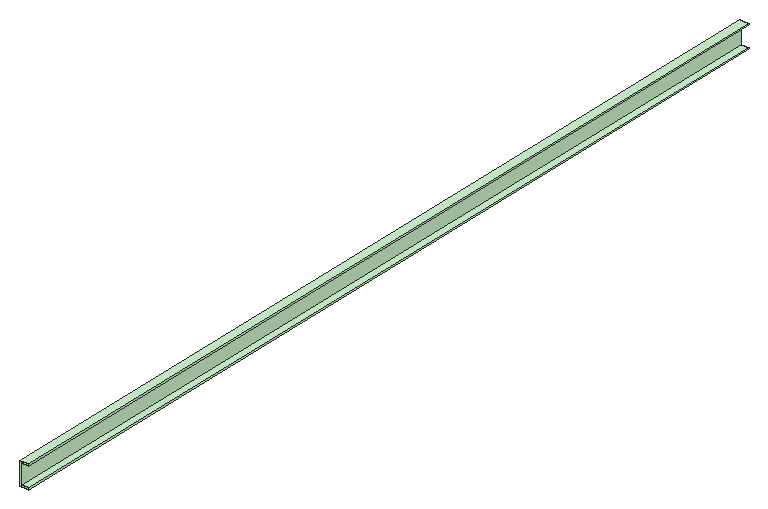
Revit family "wb25", category 機械設備, Revit 2022
Family settings
  丸型コネクタ寸法 = 直径を使用
  種別 = なし
  パーツ タイプ = 標準
  作業面ベース = いいえ
  常に垂直 = はい
  ロード時にボイドで切り取り = いいえ
  注釈の向きを維持 = いいえ
  共有 = いいえ
  部屋計算ポイント = いいえ
Parameters
  製造元 = "株式会社桐井製作所"
  既定の高さ = 0 mm
  URL = "https://www.kirii.co.jp/"
  K_長さ(mm) [instance] = 1000 mm
  K_材質 = "SGCCまたはSGHC一般用"
  K_断面積A(mm2) = 48.6
  K_断面係数Zy(mm3) = 334.3
  K_断面係数Zx(mm3) = 60.2
  K_断面2次半径iy(mm) = 9.3
  K_断面2次半径ix(mm) = 3
  K_断面2次モーメントIy(mm4) = 4179
  K_断面2次モーメントIx(mm4) = 434
  K_外形寸法(mm) = "25×10×1.2"
  K_品名 = "WB-25"
  K_名称 = "振れ止め"
  K_単位質量(kg/個) = 0.389
  K_ヤング係数E(N/mm2) = 205000
  K_バージョン情報 = "20210524"
  K_めっき付着量 = "Z12"
  K_JIS規格 = "JIS G 3302"
  K_JIS外 [instance] = not(K_JIS)  # no
  K_JIS [instance] = yes
Reference planes
  plane 1 "中心(正面/背面)": y = 0
  plane 2: z = 0
  plane 3 "中心(左/右)": x = 0
  plane 4: y = 1000
  plane 5: z = 25
Forms (mm)
  Extrusion 1, solid
    sketch origin (12, 0, 0) x (1, 0, 0) y (0, 0, 1)
      loop
        line (-2, 25) -> (-12, 25) -> (-12, 0) -> (-2, 0) -> (-2, 1.2) -> (-10.8, 1.2) -> (-10.8, 23.8) -> (-2, 23.8) -> (-2, 25)
    from 0 to -1000
Dimensions and locks
  "K_長さ(mm)": plane 1 "中心(正面/背面)" to plane 4
  aligned and locked: level to plane 2
  aligned and locked: Extrusion 1 to plane 4
Automatic sketch dimensions
  Extrusion 1 sketch curve to plane 3 "中心(左/右)" = 0 mm
  Extrusion 1 sketch curve to plane 5 = 0 mm
  Extrusion 1 sketch curve to level = 0 mm
  level to Extrusion 1 sketch curve = 1.2 mm
  plane 3 "中心(左/右)" to Extrusion 1 sketch curve = 1.2 mm
  Extrusion 1 sketch curve to Extrusion 1 sketch curve = 1.2 mm
  Extrusion 1 sketch curve to Extrusion 1 sketch curve = 8.8 mm  (x2)
